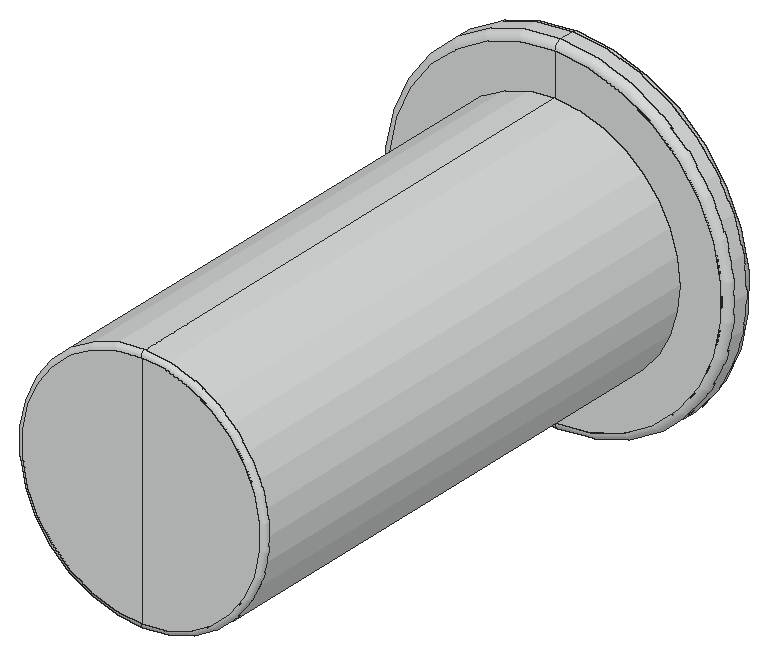
Revit family "RobeHook_SurfaceMount_Nero_Mecca_Slim", category Specialty Equipment, Revit 2022
Family settings
  Round Connector Dimension = Use Diameter
  Part Type = Normal
  OmniClass Number = 23.31.25.27
  OmniClass Title = Robe Hooks
  Work Plane-Based = No
  Always vertical = Yes
  Cut with Voids When Loaded = Yes
  Maintain Annotation Orientation = No
  Shared = No
  Room Calculation Point = No
Parameters (values of type "Chrome (NR1982BCH)")
  Uniclass2015Version = "Products v1.35"
  Uniclass2015Title = "Clothes Hooks"
  Uniclass2015Code = "Pr_40_30_78_15"
  URL = "https://nerotapware.com.au/"
  Type Comments = "Robe Hook - Surface Mount - Slim - Chrome"
  ModifiedIssue = 20251105
  Model = "NR1982BCH"
  ManufacturerURLProductSpecific = "https://nerotapware.com.au/product/mecca-robe-hook-slim-chrome-nr1982bch/"
  ManufacturerSpecCode = "NR1982BCH"
  ManufacturerOverallWidth = 35 mm  # constant formula
  ManufacturerOverallHeight = 35 mm  # constant formula
  ManufacturerOverallDepth = 55 mm  # constant formula
  Manufacturer = "Nero"
  IfcExportType = "USERDEFINED"
  IfcExportAs = "IfcFurnitureType"
  Description = "Mecca Robe Hook Slim Chrome"
  Default Elevation = 1050 mm
  CreatedByURL = "https://igsgroup.com.au"
  CreatedBy = "IGS BIM Solutions"  # constant formula
  Material = Metal_Chrome_Nero
  Assembly Code = "C1030220"
Types (7, lengths in mm): name | Type Comments | Model | ManufacturerURLProductSpecific | ManufacturerSpecCode | Description | Material
  Matte White (NR1982BMW) | "Robe Hook - Surface Mount - Slim - Matte White" | "NR1982BMW" | "https://nerotapware.com.au/product/mecca-robe-hook-slim-matte-white-nr1982bmw/" | "NR1982BMW" | "Mecca Robe Hook Slim Matte White" | Metal_MatteWhite_Nero
  Matte Black (NR1982BMB) | "Robe Hook - Surface Mount - Slim - Matte Black" | "NR1982BMB" | "https://nerotapware.com.au/product/mecca-robe-hook-slim-matte-black-nr1982bmb/" | "NR1982BMB" | "Mecca Robe Hook Slim Matte Black" | Metal_MatteBlack_Nero
  Brushed Gold (NR1982BBG) | "Robe Hook - Surface Mount - Slim - Brushed Gold" | "NR1982BBG" | "https://nerotapware.com.au/product/mecca-robe-hook-slim-brushed-gold-nr1982bbg/" | "NR1982BBG" | "Mecca Robe Hook Slim Brushed Gold" | Metal_Gold_Nero_Brushed
  Brushed Bronze (NR1982BBZ) | "Robe Hook - Surface Mount - Slim - Brushed Bronze" | "NR1982BBZ" | "https://nerotapware.com.au/product/mecca-robe-hook-slim-brushed-bronze-nr1982bbz/" | "NR1982BBZ" | "Mecca Robe Hook Slim Brushed Bronze" | Metal_Bronze_Nero_Brushed
  Brushed Nickel (NR1982BBN) | "Robe Hook - Surface Mount - Slim - Brushed Nickel" | "NR1982BBN" | "https://nerotapware.com.au/product/mecca-robe-hook-slim-brushed-nickel-nr1982bbn/" | "NR1982BBN" | "Mecca Robe Hook Slim Brushed Nickel" | Metal_Nickel_Nero_Brushed
  Gunmetal (NR1982BGM) | "Robe Hook - Surface Mount - Slim - Gunmetal" | "NR1982BGM" | "https://nerotapware.com.au/product/mecca-robe-hook-slim-gun-metal-nr1982bgm/" | "NR1982BGM" | "Mecca Robe Hook Slim Gun Metal" | Metal_GunMetal_Nero
  Chrome (NR1982BCH) | "Robe Hook - Surface Mount - Slim - Chrome" | "NR1982BCH" | "https://nerotapware.com.au/product/mecca-robe-hook-slim-chrome-nr1982bch/" | "NR1982BCH" | "Mecca Robe Hook Slim Chrome" | Metal_Chrome_Nero
Reference planes
  plane 1 "RobeHookCenter": z = -0.008
  plane 2 "Back": y = 202.5
  plane 3 "Left": x = 65.5
  plane 4 "Right": x = 100.5
  plane 5 "Front": y = 147.5
  plane 6 "Center (Left/Right)": x = 83
  plane 7 "Top": z = 17.492
  plane 8 "Bottom": z = -17.508
Forms (mm)
  Revolve 1, solid, material "Metal_Chrome_Nero" <- "Material"
    sketch origin (83, 80, 85) x (0, 1, 0) y (0, 0, 1)
      loop
        line (67.5, -85) -> (122.5, -85) -> (122.5, -68.258)
        arc (122.5, -68.258) -> (122.28, -67.727) -> (121.75, -67.508) r 0.75
        line (121.75, -67.508) -> (120.25, -67.508)
        arc (120.25, -67.508) -> (119.72, -67.727) -> (119.5, -68.258) r 0.75
        line (119.5, -68.258) -> (119.5, -72.495) -> (68, -72.495)
        arc (68, -72.495) -> (67.646, -72.641) -> (67.5, -72.995) r 0.5
        line (67.5, -72.995) -> (67.5, -85)
      axis (122.5, -85) -> (67.5, -85)
    angle from 0 to 360
Lines and regions (mm)
  Masking region 1
    outline origin (0, 0, 17.492) x (0, -1, 0) y (1, 0, 0)
      loop
        line (-202.5, 99.7) -> (-202.5, 66.3)
        arc (-202.5, 66.3) -> (-202.266, 65.734) -> (-201.7, 65.5) r 0.8
        line (-201.7, 65.5) -> (-200.3, 65.5)
        arc (-200.3, 65.5) -> (-199.734, 65.734) -> (-199.5, 66.3) r 0.8
        line (-199.5, 66.3) -> (-199.5, 70.495) -> (-148, 70.495)
        arc (-148, 70.495) -> (-147.646, 70.641) -> (-147.5, 70.995) r 0.5
        line (-147.5, 70.995) -> (-147.5, 95.005)
        arc (-147.5, 95.005) -> (-147.646, 95.359) -> (-148, 95.505) r 0.5
        line (-148, 95.505) -> (-199.5, 95.505) -> (-199.5, 99.62)
        arc (-199.5, 99.62) -> (-199.758, 100.242) -> (-200.38, 100.5) r 0.88
        line (-200.38, 100.5) -> (-201.7, 100.5)
        arc (-201.7, 100.5) -> (-202.266, 100.266) -> (-202.5, 99.7) r 0.8
  symbolic lines, style "Bathroom Fixtures", detail levels medium+fine
    curve 1: line (70.495, 199.5, 17.492) -> (95.505, 199.5, 17.492)
Text (mm)
  text "Disclaimer:\nDue to ongoing product development and manufacturing \nevolution, product details are subject to change without \nnotice. Please refer to product technical data sheets on \nthe manufacturers website for the most current product \ninformation. Please allow a +/- 5mm manufacturing \ntolerance for dimensions and set-outs shown in product \nliterature." at (283.209, 341.314, 0), in view "Ref. Level"
Dimensions and locks
  "ManufacturerOverallWidth": plane 3 "Left" to plane 4 "Right"
  "ManufacturerOverallDepth": plane 2 "Back" to plane 5 "Front"
  equal spacing: plane 3 "Left", plane 6 "Center (Left/Right)", plane 4 "Right"
  equal spacing: plane 7 "Top", plane 1 "RobeHookCenter", plane 8 "Bottom"
  "ManufacturerOverallHeight": plane 7 "Top" to plane 8 "Bottom"
  aligned and locked: level to plane 1 "RobeHookCenter"
Automatic sketch dimensions
  Revolve 1 sketch curve to level = 0 mm  (x2)
  Revolve 1 sketch curve to plane 5 "Front" = 0 mm  (x2)
  plane 7 "Top" to Revolve 1 sketch curve = 0 mm
  Revolve 1 sketch curve to plane 2 "Back" = 0 mm
  plane 5 "Front" to Revolve 1 sketch curve = 0.5 mm
  plane 7 "Top" to Revolve 1 sketch curve = 0.75 mm
  Revolve 1 sketch curve to plane 2 "Back" = 3 mm
  Revolve 1 sketch curve to plane 2 "Back" = 0.75 mm
  plane 7 "Top" to Revolve 1 sketch curve = 5.487 mm
  Revolve 1 sketch curve to plane 5 "Front" = 7.543 mm
  Masking region 1 sketch curve to plane 2 "Back" = 0 mm
  Masking region 1 sketch curve to plane 4 "Right" = 0 mm
  Masking region 1 sketch curve to plane 3 "Left" = 0 mm
  Masking region 1 sketch curve to plane 5 "Front" = 0 mm
  Masking region 1 sketch curve to plane 2 "Back" = 0.8 mm  (x2)
  Masking region 1 sketch curve to Masking region 1 sketch curve = 1.32 mm
  Masking region 1 sketch curve to Masking region 1 sketch curve = 1.4 mm
  plane 3 "Left" to Masking region 1 sketch curve = 0.8 mm
  Masking region 1 sketch curve to plane 2 "Back" = 3 mm
  plane 5 "Front" to Masking region 1 sketch curve = 0.5 mm  (x2)
  plane 3 "Left" to Masking region 1 sketch curve = 4.995 mm
  plane 6 "Center (Left/Right)" to Masking region 1 sketch curve = 12.005 mm
  curve 1 to plane 2 "Back" = 3 mm
  plane 3 "Left" to curve 1 = 4.995 mm
  plane 4 "Right" to curve 1 = 4.995 mm
